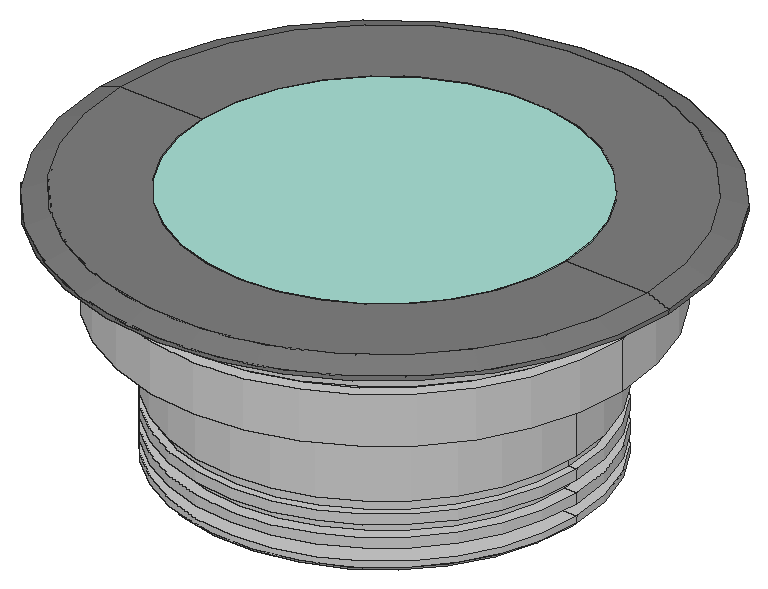
Revit family "Bright 5.F", category Lighting Fixtures, host Face, Revit 2017 (continued)
Types (16, lengths in mm): name | Wattage | Power | Photometric Web File | Optics | built-in parameter 1150142 | built-in parameter 1150105 | Lumens | built-in parameter 1150106 | Apparent Load Phase 1
    \r\n3157.56 2888.05 2632.27 2385.62 2166.40 1925.27 1730.85 \r\n1551.99 1379.64 1229.02 1089.64 963.32 859.54 758.57 \r\n675.98 604.20 539.98 486.33 437.80 398.78 363.51 331.69 \r\n302.43 278.34 254.51 233.32 214.95 195.50 179.04 163.52 \r\n149.30 137.33 125.23 115.46 105.92 96.91 89.18 81.87 \r\n75.40 69.32 63.39 58.33 53.56 49.12 45.19 41.74 38.35 \r\n35.47 32.63 30.25 27.91 25.90 23.90 22.03 20.30 18.73 \r\n17.16 15.77 14.45 13.14 11.95 10.78 9.70 8.68 7.76 6.82 \r\n6.02 5.24 4.50 3.87 3.24 2.69 2.18 1.73 1.33 0.99 0.70 \r\n0.48 0.30 0.19 0.12 0.08 0.03 0.00 0.00 0.00 0.00 0.00 \r\n0.00 0.00 0.00 0.00 0.00 0.00 0.00 0.00 0.00 0.00 0.00 \r\n0.00 0.00 0.00 0.00 0.00 0.00 0.00 0.00 0.00 0.00 0.00 \r\n0.00 0.00 0.00 0.00 0.00 0.00 0.00 0.00 0.00 0.00 0.00 \r\n0.00 0.00 0.00 0.00 0.00 0.00 0.00 0.00 0.00 0.00 0.00 \r\n0.00 0.00 0.00 0.00 0.00 0.00 0.00 0.00 0.00 0.00 0.00 \r\n0.00 0.00 0.00 0.00 0.00 0.00 0.00 0.00 0.00 0.00 0.00 \r\n0.00 0.00 0.00 0.00 0.00 0.00 0.00 0.00 0.00 0.00 0.00 \r\n0.00 0.00 0.00 0.00 0.00 0.00 0.00 0.00 0.00 \r\n4408.84 4375.37 4287.50 4157.88 3983.40 3784.47 3572.40 \r\n3347.30 3130.07 2903.58 2700.91 2500.67 2299.58 2127.84 \r\n1961.37 1798.68 1654.76 1510.89 1382.83 1260.55 1151.50 \r\n1048.51 959.93 878.73 806.25 734.62 673.48 620.46 569.54 \r\n519.99 477.15 432.87 391.71 351.52 311.22 274.69 241.96 \r\n212.71 187.69 166.39 148.65 133.72 119.83 108.57 98.53 \r\n89.77 82.05 74.76 68.36 62.56 57.16 52.28 47.92 43.87 \r\n40.29 36.98 34.07 31.38 28.89 26.65 24.56 22.53 20.71 \r\n19.04 17.35 15.91 14.43 13.14 11.88 10.67 9.49 8.47 7.48 \r\n6.60 5.71 4.93 4.21 3.52 2.92 2.36 1.87 1.45 1.07 0.75 \r\n0.50 0.32 0.20 0.13 0.08 0.03 0.00 0.00 0.00 0.00 0.00 \r\n0.00 0.00 0.00 0.00 0.00 0.00 0.00 0.00 0.00 0.00 0.00 \r\n0.00 0.00 0.00 0.00 0.00 0.00 0.00 0.00 0.00 0.00 0.00 \r\n0.00 0.00 0.00 0.00 0.00 0.00 0.00 0.00 0.00 0.00 0.00 \r\n0.00 0.00 0.00 0.00 0.00 0.00 0.00 0.00 0.00 0.00 0.00 \r\n0.00 0.00 0.00 0.00 0.00 0.00 0.00 0.00 0.00 0.00 0.00 \r\n0.00 0.00 0.00 0.00 0.00 0.00 0.00 0.00 0.00 0.00 0.00 \r\n0.00 0.00 0.00 0.00 0.00 0.00 0.00 0.00 0.00 0.00 0.00 \r\n0.00 0.00 0.00 0.00 0.00 0.00 0.00 0.00 0.00 \r\n4408.84 4380.31 4305.19 4195.52 4036.32 3878.04 3698.78 \r\n3508.69 3318.67 3141.59 2979.52 2822.96 2666.80 2519.60 \r\n2383.61 2247.92 2128.64 2004.61 1888.46 1780.67 1674.26 \r\n1577.31 1488.92 1403.85 1329.30 1251.58 1184.81 1121.05 \r\n1053.15 987.61 923.57 848.49 768.07 684.26 589.33 508.12 \r\n423.10 354.46 294.30 245.05 206.98 178.70 153.96 135.69 \r\n119.51 107.14 96.75 86.90 79.20 72.42 65.63 59.78 54.57 \r\n49.75 45.73 41.70 38.16 35.14 32.20 29.67 27.26 24.92 \r\n22.99 21.02 19.23 17.53 15.85 14.43 13.07 11.78 10.49 \r\n9.30 8.21 7.24 6.22 5.40 4.63 3.85 3.19 2.57 2.03 1.56 \r\n1.15 0.81 0.53 0.34 0.21 0.13 0.08 0.03 0.01 0.00 0.00 \r\n0.00 0.00 0.00 0.00 0.00 0.00 0.00 0.00 0.00 0.00 0.00 \r\n0.00 0.00 0.00 0.00 0.00 0.00 0.00 0.00 0.00 0.00 0.00 \r\n0.00 0.00 0.00 0.00 0.00 0.00 0.00 0.00 0.00 0.00 0.00 \r\n0.00 0.00 0.00 0.00 0.00 0.00 0.00 0.00 0.00 0.00 0.00 \r\n0.00 0.00 0.00 0.00 0.00 0.00 0.00 0.00 0.00 0.00 0.00 \r\n0.00 0.00 0.00 0.00 0.00 0.00 0.00 0.00 0.00 0.00 0.00 \r\n0.00 0.00 0.00 0.00 0.00 0.00 0.00 0.00 0.00 0.00 0.00 \r\n0.00 0.00 0.00 0.00 0.00 0.00 0.00 0.00 0.00 0.00 0.00 \r\n4408.84 4382.08 4316.56 4216.07 4084.45 3942.46 3788.52 \r\n3638.85 3480.17 3337.54 3207.72 3087.02 2966.46 2861.95 \r\n2762.03 2667.45 2575.63 2482.40 2397.90 2317.76 2242.81 \r\n2169.09 2108.55 2050.34 1998.37 1949.62 1903.77 1861.48 \r\n1811.33 1750.28 1677.20 1575.33 1457.68 1298.13 1138.57 \r\n956.46 786.91 628.92 498.20 393.85 313.33 249.71 205.56 \r\n172.67 148.78 130.33 115.41 103.30 93.33 84.66 77.13 \r\n69.98 64.03 58.27 53.47 48.72 44.69 41.01 37.74 34.69 \r\n31.75 29.13 26.70 24.57 22.48 20.54 18.61 16.90 15.27 \r\n13.77 12.30 10.92 9.61 8.48 7.38 6.33 5.41 4.51 3.72 3.00 \r\n2.33 1.77 1.31 0.91 0.60 0.38 0.23 0.14 0.09 0.04 0.01 \r\n0.00 0.00 0.00 0.00 0.00 0.00 0.00 0.00 0.00 0.00 0.00 \r\n0.00 0.00 0.00 0.00 0.00 0.00 0.00 0.00 0.00 0.00 0.00 \r\n0.00 0.00 0.00 0.00 0.00 0.00 0.00 0.00 0.00 0.00 0.00 \r\n0.00 0.00 0.00 0.00 0.00 0.00 0.00 0.00 0.00 0.00 0.00 \r\n0.00 0.00 0.00 0.00 0.00 0.00 0.00 0.00 0.00 0.00 0.00 \r\n0.00 0.00 0.00 0.00 0.00 0.00 0.00 0.00 0.00 0.00 0.00 \r\n0.00 0.00 0.00 0.00 0.00 0.00 0.00 0.00 0.00 0.00 0.00 \r\n0.00 0.00 0.00 0.00 0.00 0.00 0.00 0.00 0.00 0.00 0.00 \r\n0.00 0.00 \r\n4408.84 4385.22 4325.29 4236.34 4113.76 3989.08 3853.19 \r\n3715.11 3580.35 3461.01 3351.25 3258.85 3168.27 3094.18 \r\n3020.98 2957.26 2895.81 2837.41 2784.45 2733.48 2691.02 \r\n2656.38 2629.28 2608.38 2596.85 2587.17 2581.84 2574.56 \r\n2557.73 2521.56 2452.87 2351.30 2186.24 1991.78 1741.31 \r\n1482.78 1207.75 970.96 743.75 576.28 435.71 337.63 261.76 \r\n214.35 179.25 154.68 136.17 121.72 110.35 100.04 91.87 \r\n83.84 77.24 70.64 65.27 59.90 55.57 51.13 47.27 43.56 \r\n40.34 37.17 34.42 31.85 29.36 27.20 24.71 22.58 20.51 \r\n18.57 16.63 14.85 13.17 11.63 10.16 8.79 7.52 6.26 5.15 \r\n4.11 3.21 2.38 1.77 1.18 0.79 0.46 0.26 0.15 0.09 0.03 \r\n0.01 0.00 0.00 0.00 0.00 0.00 0.00 0.00 0.00 0.00 0.00 \r\n0.00 0.00 0.00 0.00 0.00 0.00 0.00 0.00 0.00 0.00 0.00 \r\n0.00 0.00 0.00 0.00 0.00 0.00 0.00 0.00 0.00 0.00 0.00 \r\n0.00 0.00 0.00 0.00 0.00 0.00 0.00 0.00 0.00 0.00 0.00 \r\n0.00 0.00 0.00 0.00 0.00 0.00 0.00 0.00 0.00 0.00 0.00 \r\n0.00 0.00 0.00 0.00 0.00 0.00 0.00 0.00 0.00 0.00 0.00 \r\n0.00 0.00 0.00 0.00 0.00 0.00 0.00 0.00 0.00 0.00 0.00 \r\n0.00 0.00 0.00 0.00 0.00 0.00 0.00 0.00 0.00 0.00 0.00 \r\n0.00 0.00 0.00 \r\n4408.84 4385.06 4331.35 4242.57 4123.81 3999.47 3871.57 \r\n3747.59 3625.60 3506.57 3409.85 3327.20 3239.20 3178.55 \r\n3121.55 3063.23 3014.10 2968.85 2927.98 2888.66 2859.13 \r\n2841.32 2831.54 2827.72 2832.27 2844.91 2862.39 2878.58 \r\n2885.68 2862.29 2819.26 2703.17 2543.96 2313.53 2030.26 \r\n1724.62 1428.29 1122.19 855.96 643.84 488.04 377.46 \r\n289.57 231.93 194.61 165.30 147.10 130.96 118.75 108.46 \r\n99.24 91.55 84.59 77.97 72.43 66.96 62.16 57.93 53.34 \r\n49.50 46.24 42.76 39.86 37.01 34.30 32.04 29.24 26.78 \r\n24.49 22.19 20.08 17.86 16.04 14.27 12.41 10.75 9.32 7.73 \r\n6.30 5.03 3.91 2.94 2.12 1.44 0.93 0.54 0.29 0.15 0.09 \r\n0.03 0.01 0.00 0.00 0.00 0.00 0.00 0.00 0.00 0.00 0.00 \r\n0.00 0.00 0.00 0.00 0.00 0.00 0.00 0.00 0.00 0.00 0.00 \r\n0.00 0.00 0.00 0.00 0.00 0.00 0.00 0.00 0.00 0.00 0.00 \r\n0.00 0.00 0.00 0.00 0.00 0.00 0.00 0.00 0.00 0.00 0.00 \r\n0.00 0.00 0.00 0.00 0.00 0.00 0.00 0.00 0.00 0.00 0.00 \r\n0.00 0.00 0.00 0.00 0.00 0.00 0.00 0.00 0.00 0.00 0.00 \r\n0.00 0.00 0.00 0.00 0.00 0.00 0.00 0.00 0.00 0.00 0.00 \r\n0.00 0.00 0.00 0.00 0.00 0.00 0.00 0.00 0.00 0.00 0.00 \r\n0.00 0.00 0.00 0.00 \r\n4408.84 4385.22 4325.29 4236.34 4113.76 3989.08 3853.19 \r\n3715.11 3580.35 3461.01 3351.25 3258.85 3168.27 3094.18 \r\n3020.98 2957.26 2895.81 2837.41 2784.45 2733.48 2691.02 \r\n2656.38 2629.28 2608.38 2596.85 2587.17 2581.84 2574.56 \r\n2557.73 2521.56 2452.87 2351.30 2186.24 1991.78 1741.31 \r\n1482.78 1207.75 970.96 743.75 576.28 435.71 337.63 261.76 \r\n214.35 179.25 154.68 136.17 121.72 110.35 100.04 91.87 \r\n83.84 77.24 70.64 65.27 59.90 55.57 51.13 47.27 43.56 \r\n40.34 37.17 34.42 31.85 29.36 27.20 24.71 22.58 20.51 \r\n18.57 16.63 14.85 13.17 11.63 10.16 8.79 7.52 6.26 5.15 \r\n4.11 3.21 2.38 1.77 1.18 0.79 0.46 0.26 0.15 0.09 0.03 \r\n0.01 0.00 0.00 0.00 0.00 0.00 0.00 0.00 0.00 0.00 0.00 \r\n0.00 0.00 0.00 0.00 0.00 0.00 0.00 0.00 0.00 0.00 0.00 \r\n0.00 0.00 0.00 0.00 0.00 0.00 0.00 0.00 0.00 0.00 0.00 \r\n0.00 0.00 0.00 0.00 0.00 0.00 0.00 0.00 0.00 0.00 0.00 \r\n0.00 0.00 0.00 0.00 0.00 0.00 0.00 0.00 0.00 0.00 0.00 \r\n0.00 0.00 0.00 0.00 0.00 0.00 0.00 0.00 0.00 0.00 0.00 \r\n0.00 0.00 0.00 0.00 0.00 0.00 0.00 0.00 0.00 0.00 0.00 \r\n0.00 0.00 0.00 0.00 0.00 0.00 0.00 0.00 0.00 0.00 0.00 \r\n0.00 0.00 0.00 \r\n4408.84 4382.08 4316.56 4216.07 4084.45 3942.46 3788.52 \r\n3638.85 3480.17 3337.54 3207.72 3087.02 2966.46 2861.95 \r\n2762.03 2667.45 2575.63 2482.40 2397.90 2317.76 2242.81 \r\n2169.09 2108.55 2050.34 1998.37 1949.62 1903.77 1861.48 \r\n1811.33 1750.28 1677.20 1575.33 1457.68 1298.13 1138.57 \r\n956.46 786.91 628.92 498.20 393.85 313.33 249.71 205.56 \r\n172.67 148.78 130.33 115.41 103.30 93.33 84.66 77.13 \r\n69.98 64.03 58.27 53.47 48.72 44.69 41.01 37.74 34.69 \r\n31.75 29.13 26.70 24.57 22.48 20.54 18.61 16.90 15.27 \r\n13.77 12.30 10.92 9.61 8.48 7.38 6.33 5.41 4.51 3.72 3.00 \r\n2.33 1.77 1.31 0.91 0.60 0.38 0.23 0.14 0.09 0.04 0.01 \r\n0.00 0.00 0.00 0.00 0.00 0.00 0.00 0.00 0.00 0.00 0.00 \r\n0.00 0.00 0.00 0.00 0.00 0.00 0.00 0.00 0.00 0.00 0.00 \r\n0.00 0.00 0.00 0.00 0.00 0.00 0.00 0.00 0.00 0.00 0.00 \r\n0.00 0.00 0.00 0.00 0.00 0.00 0.00 0.00 0.00 0.00 0.00 \r\n0.00 0.00 0.00 0.00 0.00 0.00 0.00 0.00 0.00 0.00 0.00 \r\n0.00 0.00 0.00 0.00 0.00 0.00 0.00 0.00 0.00 0.00 0.00 \r\n0.00 0.00 0.00 0.00 0.00 0.00 0.00 0.00 0.00 0.00 0.00 \r\n0.00 0.00 0.00 0.00 0.00 0.00 0.00 0.00 0.00 0.00 0.00 \r\n0.00 0.00 \r\n4408.84 4380.31 4305.19 4195.52 4036.32 3878.04 3698.78 \r\n3508.69 3318.67 3141.59 2979.52 2822.96 2666.80 2519.60 \r\n2383.61 2247.92 2128.64 2004.61 1888.46 1780.67 1674.26 \r\n1577.31 1488.92 1403.85 1329.30 1251.58 1184.81 1121.05 \r\n1053.15 987.61 923.57 848.49 768.07 684.26 589.33 508.12 \r\n423.10 354.46 294.30 245.05 206.98 178.70 153.96 135.69 \r\n119.51 107.14 96.75 86.90 79.20 72.42 65.63 59.78 54.57 \r\n49.75 45.73 41.70 38.16 35.14 32.20 29.67 27.26 24.92 \r\n22.99 21.02 19.23 17.53 15.85 14.43 13.07 11.78 10.49 \r\n9.30 8.21 7.24 6.22 5.40 4.63 3.85 3.19 2.57 2.03 1.56 \r\n1.15 0.81 0.53 0.34 0.21 0.13 0.08 0.03 0.01 0.00 0.00 \r\n0.00 0.00 0.00 0.00 0.00 0.00 0.00 0.00 0.00 0.00 0.00 \r\n0.00 0.00 0.00 0.00 0.00 0.00 0.00 0.00 0.00 0.00 0.00 \r\n0.00 0.00 0.00 0.00 0.00 0.00 0.00 0.00 0.00 0.00 0.00 \r\n0.00 0.00 0.00 0.00 0.00 0.00 0.00 0.00 0.00 0.00 0.00 \r\n0.00 0.00 0.00 0.00 0.00 0.00 0.00 0.00 0.00 0.00 0.00 \r\n0.00 0.00 0.00 0.00 0.00 0.00 0.00 0.00 0.00 0.00 0.00 \r\n0.00 0.00 0.00 0.00 0.00 0.00 0.00 0.00 0.00 0.00 0.00 \r\n0.00 0.00 0.00 0.00 0.00 0.00 0.00 0.00 0.00 0.00 0.00 \r\n4408.84 4375.37 4287.50 4157.88 3983.40 3784.47 3572.40 \r\n3347.30 3130.07 2903.58 2700.91 2500.67 2299.58 2127.84 \r\n1961.37 1798.68 1654.76 1510.89 1382.83 1260.55 1151.50 \r\n1048.51 959.93 878.73 806.25 734.62 673.48 620.46 569.54 \r\n519.99 477.15 432.87 391.71 351.52 311.22 274.69 241.96 \r\n212.71 187.69 166.39 148.65 133.72 119.83 108.57 98.53 \r\n89.77 82.05 74.76 68.36 62.56 57.16 52.28 47.92 43.87 \r\n40.29 36.98 34.07 31.38 28.89 26.65 24.56 22.53 20.71 \r\n19.04 17.35 15.91 14.43 13.14 11.88 10.67 9.49 8.47 7.48 \r\n6.60 5.71 4.93 4.21 3.52 2.92 2.36 1.87 1.45 1.07 0.75 \r\n0.50 0.32 0.20 0.13 0.08 0.03 0.00 0.00 0.00 0.00 0.00 \r\n0.00 0.00 0.00 0.00 0.00 0.00 0.00 0.00 0.00 0.00 0.00 \r\n0.00 0.00 0.00 0.00 0.00 0.00 0.00 0.00 0.00 0.00 0.00 \r\n0.00 0.00 0.00 0.00 0.00 0.00 0.00 0.00 0.00 0.00 0.00 \r\n0.00 0.00 0.00 0.00 0.00 0.00 0.00 0.00 0.00 0.00 0.00 \r\n0.00 0.00 0.00 0.00 0.00 0.00 0.00 0.00 0.00 0.00 0.00 \r\n0.00 0.00 0.00 0.00 0.00 0.00 0.00 0.00 0.00 0.00 0.00 \r\n0.00 0.00 0.00 0.00 0.00 0.00 0.00 0.00 0.00 0.00 0.00 \r\n0.00 0.00 0.00 0.00 0.00 0.00 0.00 0.00 0.00 \r\n4408.84 4365.16 4265.19 4115.26 3898.68 3669.80 3419.53 \r\n3157.56 2888.05 2632.27 2385.62 2166.40 1925.27 1730.85 \r\n1551.99 1379.64 1229.02 1089.64 963.32 859.54 758.57 \r\n675.98 604.20 539.98 486.33 437.80 398.78 363.51 331.69 \r\n302.43 278.34 254.51 233.32 214.95 195.50 179.04 163.52 \r\n149.30 137.33 125.23 115.46 105.92 96.91 89.18 81.87 \r\n75.40 69.32 63.39 58.33 53.56 49.12 45.19 41.74 38.35 \r\n35.47 32.63 30.25 27.91 25.90 23.90 22.03 20.30 18.73 \r\n17.16 15.77 14.45 13.14 11.95 10.78 9.70 8.68 7.76 6.82 \r\n6.02 5.24 4.50 3.87 3.24 2.69 2.18 1.73 1.33 0.99 0.70 \r\n0.48 0.30 0.19 0.12 0.08 0.03 0.00 0.00 0.00 0.00 0.00 \r\n0.00 0.00 0.00 0.00 0.00 0.00 0.00 0.00 0.00 0.00 0.00 \r\n0.00 0.00 0.00 0.00 0.00 0.00 0.00 0.00 0.00 0.00 0.00 \r\n0.00 0.00 0.00 0.00 0.00 0.00 0.00 0.00 0.00 0.00 0.00 \r\n0.00 0.00 0.00 0.00 0.00 0.00 0.00 0.00 0.00 0.00 0.00 \r\n0.00 0.00 0.00 0.00 0.00 0.00 0.00 0.00 0.00 0.00 0.00 \r\n0.00 0.00 0.00 0.00 0.00 0.00 0.00 0.00 0.00 0.00 0.00 \r\n0.00 0.00 0.00 0.00 0.00 0.00 0.00 0.00 0.00 0.00 0.00 \r\n0.00 0.00 0.00 0.00 0.00 0.00 0.00 0.00 0.00 \r\n4408.84 4365.53 4242.92 4069.07 3821.67 3562.33 3247.69 \r\n2955.72 2642.30 2358.11 2077.51 1825.27 1577.26 1384.65 \r\n1195.05 1034.31 897.48 774.10 674.81 584.44 513.37 449.75 \r\n402.35 358.47 324.28 293.23 268.72 247.03 227.92 211.04 \r\n196.04 182.24 169.45 157.58 145.83 135.88 125.75 116.74 \r\n108.08 100.39 92.80 85.96 79.14 73.20 67.63 62.30 57.53 \r\n53.15 49.28 45.37 41.99 38.84 36.00 33.21 30.98 28.75 \r\n26.74 24.79 23.00 21.27 19.70 18.23 16.79 15.50 14.22 \r\n13.04 11.86 10.85 9.79 8.86 7.90 7.09 6.27 5.51 4.81 4.16 \r\n3.58 2.99 2.50 2.02 1.61 1.25 0.92 0.65 0.44 0.28 0.18 \r\n0.11 0.08 0.03 0.00 0.00 0.00 0.00 0.00 0.00 0.00 0.00 \r\n0.00 0.00 0.00 0.00 0.00 0.00 0.00 0.00 0.00 0.00 0.00 \r\n0.00 0.00 0.00 0.00 0.00 0.00 0.00 0.00 0.00 0.00 0.00 \r\n0.00 0.00 0.00 0.00 0.00 0.00 0.00 0.00 0.00 0.00 0.00 \r\n0.00 0.00 0.00 0.00 0.00 0.00 0.00 0.00 0.00 0.00 0.00 \r\n0.00 0.00 0.00 0.00 0.00 0.00 0.00 0.00 0.00 0.00 0.00 \r\n0.00 0.00 0.00 0.00 0.00 0.00 0.00 0.00 0.00 0.00 0.00 \r\n0.00 0.00 0.00 0.00 0.00 0.00 0.00 0.00 0.00 0.00 0.00 \r\n0.00 0.00 0.00 0.00 0.00 0.00 \r\n4408.84 4356.10 4219.91 4009.83 3734.45 3426.08 3087.95 \r\n2751.43 2398.69 2091.06 1793.14 1522.15 1289.39 1089.43 \r\n915.41 776.20 658.16 558.83 482.01 416.50 367.61 324.70 \r\n290.82 263.53 241.01 219.93 203.71 188.91 175.83 163.71 \r\n152.52 143.04 133.18 124.33 115.60 107.77 100.43 93.42 \r\n86.64 80.54 74.83 69.43 64.13 59.60 55.32 51.21 47.56 \r\n44.26 41.24 38.38 35.83 33.31 31.13 28.89 27.03 25.20 \r\n23.53 21.92 20.41 18.94 17.60 16.21 15.04 13.90 12.74 \r\n11.72 10.71 9.77 8.90 8.04 7.20 6.43 5.70 5.05 4.40 3.84 \r\n3.28 2.76 2.29 1.86 1.49 1.13 0.86 0.60 0.41 0.27 0.17 \r\n0.11 0.07 0.03 0.00 0.00 0.00 0.00 0.00 0.00 0.00 0.00 \r\n0.00 0.00 0.00 0.00 0.00 0.00 0.00 0.00 0.00 0.00 0.00 \r\n0.00 0.00 0.00 0.00 0.00 0.00 0.00 0.00 0.00 0.00 0.00 \r\n0.00 0.00 0.00 0.00 0.00 0.00 0.00 0.00 0.00 0.00 0.00 \r\n0.00 0.00 0.00 0.00 0.00 0.00 0.00 0.00 0.00 0.00 0.00 \r\n0.00 0.00 0.00 0.00 0.00 0.00 0.00 0.00 0.00 0.00 0.00 \r\n0.00 0.00 0.00 0.00 0.00 0.00 0.00 0.00 0.00 0.00 0.00 \r\n0.00 0.00 0.00 0.00 0.00 0.00 0.00 0.00 0.00 0.00 0.00 \r\n0.00 0.00 0.00 0.00 0.00 0.00 \r\n4408.84 4341.72 4189.29 3954.85 3635.12 3288.67 2911.93 \r\n2539.19 2180.96 1836.13 1537.36 1287.61 1032.12 862.63 \r\n717.36 594.08 500.64 424.85 364.47 321.01 284.60 254.50 \r\n231.20 210.77 193.74 178.58 165.33 154.23 143.02 133.17 \r\n124.52 115.45 107.80 100.59 93.41 87.08 80.82 75.18 69.83 \r\n64.95 60.83 56.57 52.67 49.22 45.85 42.94 40.21 37.62 \r\n35.25 33.02 30.91 28.95 27.15 25.38 23.79 22.21 20.77 \r\n19.41 18.09 16.87 15.67 14.54 13.46 12.43 11.42 10.53 \r\n9.65 8.82 8.02 7.25 6.53 5.88 5.22 4.63 4.05 3.50 3.01 \r\n2.55 2.12 1.71 1.37 1.05 0.79 0.56 0.39 0.26 0.16 0.11 \r\n0.07 0.03 0.00 0.00 0.00 0.00 0.00 0.00 0.00 0.00 0.00 \r\n0.00 0.00 0.00 0.00 0.00 0.00 0.00 0.00 0.00 0.00 0.00 \r\n0.00 0.00 0.00 0.00 0.00 0.00 0.00 0.00 0.00 0.00 0.00 \r\n0.00 0.00 0.00 0.00 0.00 0.00 0.00 0.00 0.00 0.00 0.00 \r\n0.00 0.00 0.00 0.00 0.00 0.00 0.00 0.00 0.00 0.00 0.00 \r\n0.00 0.00 0.00 0.00 0.00 0.00 0.00 0.00 0.00 0.00 0.00 \r\n0.00 0.00 0.00 0.00 0.00 0.00 0.00 0.00 0.00 0.00 0.00 \r\n0.00 0.00 0.00 0.00 0.00 0.00 0.00 0.00 0.00 0.00 0.00 \r\n0.00 0.00 0.00 0.00 0.00 \r\n4408.84 4341.85 4160.70 3892.27 3548.93 3165.44 2742.79 \r\n2351.21 1951.46 1624.03 1324.57 1061.32 859.75 689.50 \r\n566.96 471.63 397.91 338.54 296.54 261.55 234.74 212.03 \r\n193.28 177.10 163.44 149.81 139.00 128.71 119.18 110.29 \r\n102.15 95.06 87.94 81.86 75.97 70.81 65.78 61.35 57.34 \r\n53.70 50.25 47.17 44.23 41.53 39.04 36.72 34.45 32.46 \r\n30.49 28.63 26.96 25.29 23.78 22.31 20.91 19.60 18.38 \r\n17.15 16.08 14.96 13.96 12.90 11.98 11.12 10.22 9.43 8.67 \r\n7.93 7.24 6.54 5.90 5.32 4.72 4.19 3.67 3.20 2.75 2.33 \r\n1.93 1.58 1.24 0.97 0.74 0.53 0.37 0.25 0.16 0.10 0.07 \r\n0.03 0.00 0.00 0.00 0.00 0.00 0.00 0.00 0.00 0.00 0.00 \r\n0.00 0.00 0.00 0.00 0.00 0.00 0.00 0.00 0.00 0.00 0.00 \r\n0.00 0.00 0.00 0.00 0.00 0.00 0.00 0.00 0.00 0.00 0.00 \r\n0.00 0.00 0.00 0.00 0.00 0.00 0.00 0.00 0.00 0.00 0.00 \r\n0.00 0.00 0.00 0.00 0.00 0.00 0.00 0.00 0.00 0.00 0.00 \r\n0.00 0.00 0
